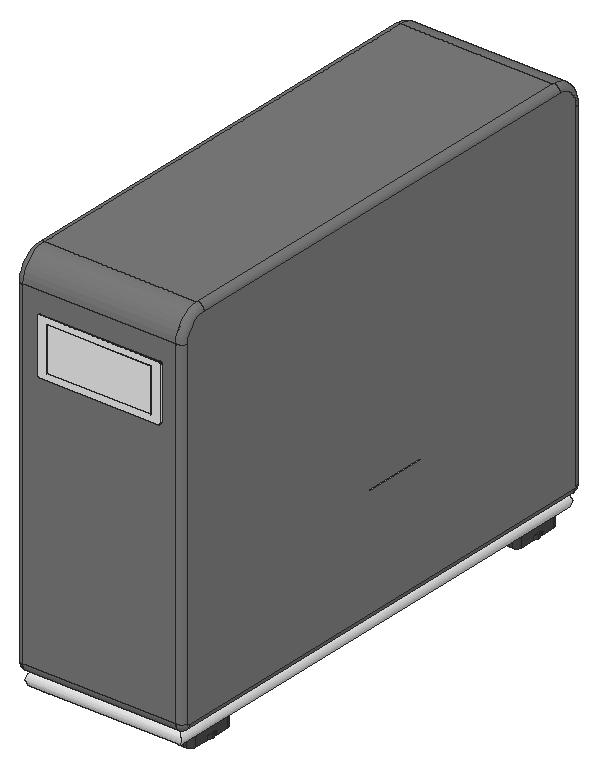
Revit family "Module-Soft_Seating-Allermuir-Pause-PSP075H", category Furniture, Revit 2012
Parameters (values of type "PSP075H")
  ecoScorecard_data = "http://thesenatorgroup.ecoscorecard.com/product/PSP075H"
  ecoScorecard Product Page = "http://products.ecoscorecard.com/allermuir/PSP075H?action=html"
  Weight = 15.0 lbf
  Upholstered Seat = "No"
  Upholstered Back = "No"
  URL = "http://www.allermuir.net/Default.aspx"
  Subcategory = "Soft Seating"  # constant formula
  Stand = Metal - Allermuir - Silver
  Stacks = no
  Specifications URL = "http://www.allermuir.net/Services/File.ashx?Id=4477"
  Plugin Data URL = "http://products.ecoscorecard.com/thesenatorgroup/PSP075H"
  Module = Fabric - Allermuir - Silcoates
  Product Page URL = "http://www.allermuir.net/Products.aspx?RangeId=83"
  Product Line = "Pause"  # constant formula
  Pricing URL = "http://www.allermuir.net/Services/File.ashx?Id=4322"
  Plastic Arms in Black = "No"
  Overall Width = 0' - 9 215/256"
  Overall Height = 1' - 11 41/64"
  Overall Depth = 2' - 5 77/128"
  Model = "PSP075H"  # constant formula
  Manufacturer Phone - Toll Free = "(888) 887 5806"  # constant formula
  Manufacturer Phone = "(419) 887 5806"  # constant formula
  Manufacturer Fax = "(419) 887 5805"  # constant formula
  Manufacturer Email = "mailto:contact@allermuir-na.com"
  Manufacturer Address = "1630 Holland Road, Maumee, Ohio 43537 "  # constant formula
  Manufacturer = "Allermuir"  # constant formula
  Leg Base = Plastic - Allermuir - Black
  LEED Stats URL = "http://www.allermuir.net/Services/File.ashx?Id=4423"
  Fabric Spec Sheets = "http://www.allermuir.net/Services/File.ashx?Type=B&Id=51"
  Description = ""
  Color Availability = "See price list for material options"  # constant formula
  CAD Blocks URL = "http://www.allermuir.net/Services/File.ashx?Id=4531"
  Brochure URL = "http://www.allermuir.net/Services/File.ashx?Id=4353"
  Assembly Code = "E2020200"
  95 CSI = "12510"  # constant formula
  04 CSI = "12 51 00"  # constant formula
Reference planes (in)
  plane 1 "Center Front/Back": y = 0
  plane 2: z = 0
  plane 3 "Center Left/Right": x = 0
  plane 4: y = 14.80078
  plane 5: y = -14.80078
  plane 6: x = -4.91992
  plane 7: x = 4.91992
  plane 8: z = 23.64062
Dimensions and locks (in)
  equal spacing: plane 5, plane 1 "Center Front/Back", plane 4
  "Overall Depth": plane 5 to plane 4
  equal spacing: plane 6, plane 3 "Center Left/Right", plane 7
  "Overall Width": plane 6 to plane 7
  "Overall Height": plane 8 to level
  aligned and locked: plane 1 "Center Front/Back" to nested 1
  aligned and locked: plane 6 to nested 1
  aligned and locked: nested 1 to level
Nested families (in)
  nested 1: "PSP075H" at (0.40063, 0, -0.01969), type "PSP075H"
Definition of nested family "PSP075H"
  Parameters (values of type "PSP075H")
    Width = 0' - 9 27/32"
    Unit = Leather - Allermuir - Fabric - Leather - Brown - Pebble
    Height = 1' - 11 163/256"
    Depth = 2' - 5.6"
    Default Elevation = 4' - 0"
    Base = Metal - Allermuir - Chrome - Polished
    Assembly Code = ""
    A630 = yes
  Reference planes (in)
    plane 1 "Center (Front/Back)": y = 0
    plane 2: z = 0
    plane 3 "Center (Left/Right)": x = 0
    plane 4: x = 4.5232
    plane 5: y = 14.8
    plane 6: x = -5.32055
    plane 7: y = -14.8
    plane 8: z = 23.63672
  Forms (in)
    Sweep 1, solid, material "Leather - Allermuir - Fabric - Leather - Brown - Pebble" <- "Unit"
      path origin (-0.3937, -0.00612, 0) x (1, 0, 0) y (0, 1, 0)
        loop
          line (4.9169, 14.80074) -> (-4.92562, 14.80074)
      profile origin (-0.39806, 14.79462, 0) x (0, -1, 0) y (0, 0, 1)
        loop
          line (27.95276, 23.63794) -> (1.5748, 23.63794)
          arc (1.5748, 23.63794) -> (0.46125, 23.17669) -> (0, 22.06314) r 1.5748
          line (0, 22.06314) -> (0, 1.89723)
          arc (0, 1.89723) -> (0.14743, 1.5413) -> (0.50337, 1.39387) r 0.50337
          line (0.50337, 1.39387) -> (29.02365, 1.39387)
          arc (29.02365, 1.39387) -> (29.37997, 1.54146) -> (29.52756, 1.89777) r 0.50391
          line (29.52756, 1.89777) -> (29.52756, 22.06314)
          arc (29.52756, 22.06314) -> (29.06631, 23.17669) -> (27.95276, 23.63794) r 1.5748
    Sweep 2, void
      path in 3D
        loop
          arc (-5.31932, 13.21982, 23.63794) -> (-5.31932, 14.33337, 23.17669) -> (-5.31932, 14.79462, 22.06314) r 1.5748
          line (-5.31932, 14.79462, 22.06314) -> (-5.31932, 14.79462, 1.89723)
          arc (-5.31932, 14.79462, 1.89723) -> (-5.31932, 14.64719, 1.5413) -> (-5.31932, 14.29125, 1.39387) r 0.50337
          line (-5.31932, 14.29125, 1.39387) -> (-5.31932, -14.22903, 1.39387)
          arc (-5.31932, -14.22903, 1.39387) -> (-5.31932, -14.58535, 1.54146) -> (-5.31932, -14.73294, 1.89777) r 0.50391
          line (-5.31932, -14.73294, 1.89777) -> (-5.31932, -14.73294, 22.06314)
          arc (-5.31932, -14.73294, 22.06314) -> (-5.31932, -14.27169, 23.17669) -> (-5.31932, -13.15814, 23.63794) r 1.5748
          line (-5.31932, -13.15814, 23.63794) -> (-5.31932, 13.21982, 23.63794)
      profile origin (-5.31932, 0.03084, 23.63794) x (-1, 0, 0) y (0, 0, 1)
        loop
          line (0, 0) -> (-0.39423, 0)
          arc (-0.39423, 0) -> (-0.11547, -0.11547) -> (0, -0.39423) r 0.39423
          line (0, -0.39423) -> (0, 0)
    Extrusion 3, solid, material "Metal - Allermuir - Chrome - Polished" <- "Base"
      sketch origin (0, -2.09987, 0) x (1, 0, 0) y (0, 0, 1)
        loop
          line (3.16304, 20.8427) -> (-3.88042, 20.8427)
          arc (-3.88042, 20.8427) -> (-3.96527, 20.80756) -> (-4.00042, 20.7227) r 0.12
          line (-4.00042, 20.7227) -> (-4.00042, 17.61625)
          arc (-4.00042, 17.61625) -> (-3.96527, 17.53139) -> (-3.88042, 17.49625) r 0.12
          line (-3.88042, 17.49625) -> (3.16304, 17.49625)
          arc (3.16304, 17.49625) -> (3.2479, 17.53139) -> (3.28304, 17.61625) r 0.12
          line (3.28304, 17.61625) -> (3.28304, 20.7227)
          arc (3.28304, 20.7227) -> (3.2479, 20.80756) -> (3.16304, 20.8427) r 0.12
        loop
          line (-3.47562, 17.85077) -> (2.75824, 17.85077) -> (2.75824, 20.48818) -> (-3.47562, 20.48818) -> (-3.47562, 17.85077)
        loop
          line (-3.42956, 20.46869) -> (-3.42956, 17.87026) -> (2.71217, 17.87026) -> (2.71217, 20.46869) -> (-3.42956, 20.46869)
      from 12.63228 to 12.70013
    Sweep 4, void
      path in 3D
        loop
          arc (4.5232, -13.15814, 23.63794) -> (4.5232, -14.27169, 23.17669) -> (4.5232, -14.73294, 22.06314) r 1.5748
          line (4.5232, -14.73294, 22.06314) -> (4.5232, -14.73294, 1.89777)
          arc (4.5232, -14.73294, 1.89777) -> (4.5232, -14.58535, 1.54146) -> (4.5232, -14.22903, 1.39387) r 0.50391
          line (4.5232, -14.22903, 1.39387) -> (4.5232, 14.29125, 1.39387)
          arc (4.5232, 14.29125, 1.39387) -> (4.5232, 14.64719, 1.5413) -> (4.5232, 14.79462, 1.89723) r 0.50337
          line (4.5232, 14.79462, 1.89723) -> (4.5232, 14.79462, 22.06314)
          arc (4.5232, 14.79462, 22.06314) -> (4.5232, 14.33337, 23.17669) -> (4.5232, 13.21982, 23.63794) r 1.5748
          line (4.5232, 13.21982, 23.63794) -> (4.5232, -13.15814, 23.63794)
      profile origin (4.5232, 0.03084, 23.63794) x (1, 0, 0) y (0, 0, 1)
        loop
          line (0, 0) -> (-0.39493, 0)
          arc (-0.39493, 0) -> (-0.11567, -0.11567) -> (0, -0.39493) r 0.39493
          line (0, -0.39493) -> (0, 0)
    Sweep 5, solid, material "Metal - Allermuir - Chrome - Polished" <- "Base"
      path origin (-0.01202, 0.05039, 0) x (1, 0, 0) y (0, 1, 0)
        loop
          line (-4.92685, -14.38401) -> (4.12827, -14.38401) -> (4.12827, 14.38401) -> (-4.92685, 14.38401) -> (-4.92685, -14.38401)
      profile origin (-4.93887, 0.05039, 0) x (-1, 0, 0) y (0, 0, 1)
        loop
          circle (-0.41339, 0.91308) r 0.51181
  Cuts and joins
    Sweep 2, Sweep 4 cuts Sweep 1
  Lines and regions (in)
    sketch lines
      curve 1: line (-5.31932, -13.15814, 23.63794) -> (-5.31932, 13.21982, 23.63794)
      curve 2: arc (-5.31932, -13.15814, 23.63794) -> (-5.31932, -14.27169, 23.17669) -> (-5.31932, -14.73294, 22.06314) r 1.5748
      curve 3: line (-5.31932, -14.73294, 1.89777) -> (-5.31932, -14.73294, 22.06314)
      curve 4: arc (-5.31932, 14.79462, 22.06314) -> (-5.31932, 14.33337, 23.17669) -> (-5.31932, 13.21982, 23.63794) r 1.5748
      curve 5: line (-5.31932, 14.79462, 22.06314) -> (-5.31932, 14.79462, 1.89723)
      curve 6: line (-5.31932, 14.29125, 1.39387) -> (-5.31932, -14.22903, 1.39387)
      curve 7: arc (-5.31932, 14.29125, 1.39387) -> (-5.31932, 14.64719, 1.5413) -> (-5.31932, 14.79462, 1.89723) r 0.50337
      curve 8: arc (-5.31932, -14.73294, 1.89777) -> (-5.31932, -14.58535, 1.54146) -> (-5.31932, -14.22903, 1.39387) r 0.50391
      curve 9: line (4.5232, 13.21982, 23.63794) -> (4.5232, -13.15814, 23.63794)
      curve 10: arc (4.5232, 13.21982, 23.63794) -> (4.5232, 14.33337, 23.17669) -> (4.5232, 14.79462, 22.06314) r 1.5748
      curve 11: line (4.5232, 14.79462, 1.89723) -> (4.5232, 14.79462, 22.06314)
      curve 12: arc (4.5232, 14.79462, 1.89723) -> (4.5232, 14.64719, 1.5413) -> (4.5232, 14.29125, 1.39387) r 0.50337
      curve 13: line (4.5232, -14.22903, 1.39387) -> (4.5232, 14.29125, 1.39387)
      curve 14: line (4.5232, -14.73294, 22.06314) -> (4.5232, -14.73294, 1.89777)
      curve 15: arc (4.5232, -14.22903, 1.39387) -> (4.5232, -14.58535, 1.54146) -> (4.5232, -14.73294, 1.89777) r 0.50391
      curve 16: arc (4.5232, -14.73294, 22.06314) -> (4.5232, -14.27169, 23.17669) -> (4.5232, -13.15814, 23.63794) r 1.5748
    symbolic lines, style "Module"
      curve 17: line (-4.93214, 14.8, 0) -> (4.1332, 14.8, 0)
      curve 18: line (4.5232, 14.41, 0) -> (4.5232, -14.34091, 0)
      curve 19: line (-5.32055, 14.41159, 0) -> (-5.32055, -14.33875, 0)
      curve 20: line (4.13195, -14.73216, 0) -> (-4.92714, -14.73216, 0)
      curve 21: line (-4.00042, -14.73216, 0) -> (-4.00042, -14.8, 0)
      curve 22: line (3.28304, -14.8, 0) -> (3.28304, -14.73216, 0)
      curve 23: line (-4.00042, -14.8, 0) -> (3.28304, -14.8, 0)
      curve 24: arc (4.5232, -14.34091, 0) -> (4.40861, -14.61756, 0) -> (4.13195, -14.73216, 0) r 0.39124
      curve 25: arc (-4.92714, -14.73216, 0) -> (-5.20532, -14.61693, 0) -> (-5.32055, -14.33875, 0) r 0.39341
      curve 26: arc (-5.32055, 14.41159, 0) -> (-5.20679, 14.68624, 0) -> (-4.93214, 14.8, 0) r 0.38841
      curve 27: arc (4.1332, 14.8, 0) -> (4.40897, 14.68577, 0) -> (4.5232, 14.41, 0) r 0.39
  Dimensions and locks (in)
    equal spacing: plane 5, plane 1 "Center (Front/Back)", plane 7
    "Height": plane 8 to level
    "Width": plane 6 to plane 4
    "Depth": plane 5 to plane 7
  Automatic sketch dimensions
    Sweep 1 sketch curve to plane 4 = 0' - 0"
    Sweep 1 sketch curve to plane 6 = 0' - 0.00123"
    Sweep 1 sketch curve to plane 5 = 0' - 0.00538"
    Sweep 1 sketch curve to profile plane = 0' - 0"
    Sweep 1 sketch curve to profile plane = 0' - 0.50337"
    Sweep 1 sketch curve to profile plane = 0' - 1.5748"
    Sweep 1 sketch curve to Sweep 1 sketch curve = 2' - 2.37795"
    profile plane to Sweep 1 sketch curve = 0' - 1.89777"
    Sweep 1 sketch curve to Sweep 1 sketch curve = 0' - 1.0709"
    Sweep 1 sketch curve to Sweep 1 sketch curve = 0' - 1.5748"
    Sweep 1 sketch curve to Sweep 1 sketch curve = 1' - 8.16536"
    Sweep 2 sketch curve to profile plane = 0' - 0"  (x2)
    profile plane to Sweep 2 sketch curve = 0' - 0.39423"
    Sweep 4 sketch curve to profile plane = 0' - 0"
    profile plane to Sweep 4 sketch curve = 0' - 0"
    profile plane to Sweep 4 sketch curve = 0' - 0.39493"
    Sweep 4 sketch curve to profile plane = 0' - 0.39493"
    Sweep 5 sketch curve to plane 6 = 0' - 0.38168"
    Sweep 5 sketch curve to plane 4 = 0' - 0.40695"
    Sweep 5 sketch curve to plane 7 = 0' - 0.46637"
    Sweep 5 sketch curve to plane 5 = 0' - 0.3656"
    Sweep 5 sketch curve to Sweep 5 sketch curve = 0' - 0"  (x2)
    profile plane to Sweep 5 sketch curve = 0' - 0.41339"
    level to Sweep 5 sketch curve = 0' - 0.40127"
    Sweep 5 sketch curve to Sweep 5 sketch curve = 0' - 0.51181"
    curve 19 to plane 6 = 0' - 0"
    curve 26 to plane 5 = 0' - 0"
    plane 7 to curve 21 = 0' - 0"
    curve 18 to plane 4 = 0' - 0"
    curve 26 to plane 5 = 0' - 0.38841"
    curve 25 to plane 7 = 0' - 0.06784"
    curve 25 to plane 6 = 0' - 0.39341"
    curve 20 to curve 21 = 0' - 0.92672"
    curve 27 to plane 4 = 0' - 0.39"
    curve 20 to plane 4 = 0' - 0.39124"
    Extrusion 3 sketch curve to plane 6 = 0' - 1.32013"
    Extrusion 3 sketch curve to Extrusion 3 sketch curve = 0' - 0.12"  (x3)
    Extrusion 3 sketch curve to Extrusion 3 sketch curve = 0' - 0.4048"  (x3)
    Extrusion 3 sketch curve to Extrusion 3 sketch curve = 0' - 0.04606"
    Extrusion 3 sketch curve to plane 4 = 0' - 1.81102"
    Extrusion 3 sketch curve to Extrusion 3 sketch curve = 0' - 0.04607"
    Extrusion 3 sketch curve to plane 8 = 0' - 6.14047"
    Extrusion 3 sketch curve to Extrusion 3 sketch curve = 0' - 0.23453"  (x2)
    Extrusion 3 sketch curve to Extrusion 3 sketch curve = 0' - 0.01949"  (x2)
    Extrusion 3 sketch curve to Extrusion 3 sketch curve = 0' - 2.59843"
    curve 22 to curve 20 = 0' - 0.84891"
  Nested families (in)
    nested 1: "Leg-Base" at (3.72632, 12.06563, 0), type "Leg-Base"
    nested 2: "Leg-Base" at (-4.50757, 12.06563, 0) x (-1, 0, 0) z (0, 0, 1), type "Leg-Base"
    nested 3: "Leg-Base" at (-4.50757, -12.08125, 0) x (-1, 0, 0) z (0, 0, 1), type "Leg-Base"
    nested 4: "Leg-Base" at (3.72632, -12.08125, 0), type "Leg-Base"
  Definition of nested family "Leg-Base"
    Parameters (values of type "Leg-Base")
      Leg Base = Plastic - Allermuir - Black
    Reference planes (in)
      plane 1 "Center (Front/Back)": y = 0
      plane 2: z = 0
      plane 3 "Center (Left/Right)": x = 0
    Forms (in)
      Extrusion 1, void
        sketch origin (13.9947, 11.96969, 0) x (0, 1, 0) y (0, 0, 1)
          loop
            line (-12.32973, 0) -> (-11.61674, 0) -> (-11.61674, 0.19097)
            arc (-11.61674, 0.19097) -> (-11.64156, 0.25088) -> (-11.70146, 0.27569) r 0.08472
            line (-11.70146, 0.27569) -> (-12.25271, 0.27569)
            arc (-12.25271, 0.27569) -> (-12.30718, 0.25314) -> (-12.32973, 0.19867) r 0.07702
            line (-12.32973, 0.19867) -> (-12.32973, 0)
        from -14.6331 to -13.3324
      Extrusion 2, solid, material "Plastic - Allermuir - Black" <- "Leg Base"
        sketch origin (13.9947, 11.96969, 0) x (1, 0, 0) y (0, 1, 0)
          loop
            circle (-13.99403, -11.97324) r 0.44534
        from 0 to 0.21533
      Extrusion 3, void
        sketch origin (71.49174, 11.96969, 0) x (1, 0, 0) y (0, 1, 0)
          loop
            arc (-71.58792, -13.44332) -> (-71.79924, -13.35579) -> (-71.88677, -13.14447) r 0.29885
            line (-71.88677, -13.14447) -> (-71.88677, -13.44332) -> (-71.58792, -13.44332)
          loop
            line (-71.58792, -10.49607) -> (-71.88677, -10.49607) -> (-71.88677, -10.79492)
            arc (-71.88677, -10.79492) -> (-71.79924, -10.5836) -> (-71.58792, -10.49607) r 0.29885
          loop
            line (-71.39557, -13.44332) -> (-71.09672, -13.44332) -> (-71.09672, -13.14447)
            arc (-71.09672, -13.14447) -> (-71.18425, -13.35579) -> (-71.39557, -13.44332) r 0.29885
          loop
            arc (-71.39557, -10.49607) -> (-71.18425, -10.5836) -> (-71.09672, -10.79492) r 0.29885
            line (-71.09672, -10.79492) -> (-71.09672, -10.49607) -> (-71.39557, -10.49607)
        from 0 to 0.59583
      Extrusion 4, solid, material "Plastic - Allermuir - Black" <- "Leg Base"
        sketch origin (-13.99403, 11.96969, 0) x (-1, 0, 0) y (0, 0, -1)
          loop
            arc (-14.38906, -0.59583) -> (-13.99403, -0.39015) -> (-13.59901, -0.59583) r 0.48218
            line (-13.59901, -0.59583) -> (-13.59901, -0.01969) -> (-14.38906, -0.01969) -> (-14.38906, -0.59583)
        from 10.49607 to 13.44332
    Cuts and joins
      Extrusion 1, Extrusion 3 cuts Extrusion 4
    Dimensions and locks (in)
      aligned and locked: plane 2 to level
